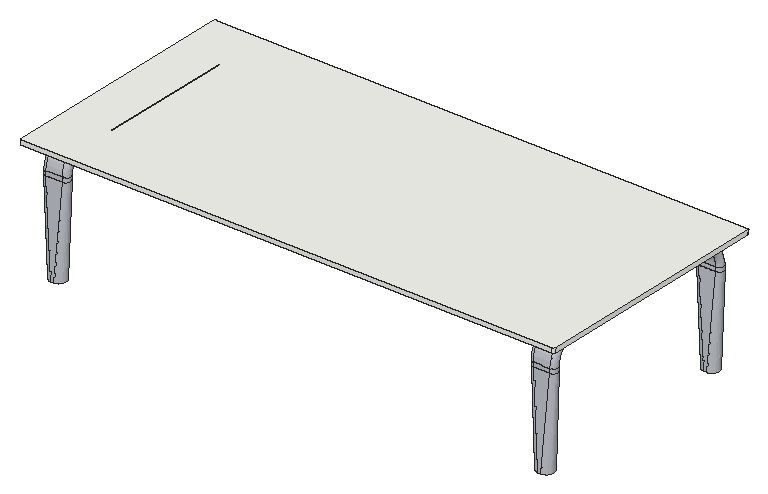
Revit family "FU_Modular_Sandler_Ambit 1077", category Furniture, Revit 2020
Family settings
  OmniClass Number = 23.40.20.00
  OmniClass Title = General Furniture and Specialties
  Work Plane-Based = No
  Always vertical = Yes
  Cut with Voids When Loaded = No
  Shared = No
  Room Calculation Point = No
Parameters (values of type "Ambit 1077")
  Width = 1290 mm
  URL = "https://www.sandlerseating.com/product/ambit-1077/"
  Top [instance] = HPL - Solid - White
  Model = "Ambit 1077"
  Manufacturer = "Sandler"
  Height = 300 mm
  Frame [instance] = Metal - Paint -AL VR - White Aluminium
  Description = "Table for modular seating system. Upholstered top with feet in cast aluminium."
  Depth = 590 mm
  Default Elevation = 0 mm
Reference planes
  plane 1 "Center (Front/Back)": y = 0
  plane 2: z = 0
  plane 3 "Center (Left/Right)": x = 0
  plane 4 "Right": x = -645
  plane 5 "Left": x = 645
  plane 6 "Back": y = 295
  plane 7 "Front": y = -295
  plane 8 "Height": z = 300
  plane 9 "Table base": z = 290
  plane 10 "FL C TOP": y = -250
  plane 11 "Right Legs FRONT": x = -588
  plane 12 "Left Legs FRONT": x = 588
  plane 13 "BL C TOP": y = 249.983
Forms (mm)
  Sweep 1, solid, material "Metal - Paint -AL VR - White Aluminium" <- "Frame"
    path origin (588, 0, 0) x (0, 0, -1) y (0, -1, 0)
      loop
        line (-220.099, 250.117) -> (-230.099, 250.117)
        arc (-230.099, 250.117) -> (-265.454, 235.472) -> (-280.099, 200.117) r 50
        line (-280.099, 200.117) -> (-280.099, -200.1)
        arc (-280.099, -200.1) -> (-265.454, -235.456) -> (-230.099, -250.1) r 50
        line (-230.099, -250.1) -> (-220.099, -250.1)
    profile "Pro_Ambit_FF : Pro_Ambit_FF" origin (588, -250.117, 225.099) x (0, 1, 0) y (-1, 0, 0)
      loop
        arc (-10, -20.066) -> (0, -30.066) -> (10, -20.066) r 10
        line (10, -20.066) -> (10, 20.066)
        arc (10, 20.066) -> (0, 30.066) -> (-10, 20.066) r 10
        line (-10, 20.066) -> (-10, -20.066)
  SweptBlend 2, solid, material "Metal - Paint -AL VR - White Aluminium" <- "Frame"
    path origin (588, 0, 0) x (0, 0, -1) y (0, -1, 0)
      loop
        line (0, 250) -> (-220.099, 250)
    profile "Pro_Ambit_FFoot : Pro_Ambit_FFoot" origin (588, -250, 0) x (0, 1, 0) y (-1, 0, 0)
      loop
        arc (17.452, 3.305) -> (0, 20.142) -> (-17.452, 3.305) r 17.463
        line (-17.452, 3.305) -> (-17.452, -3.305)
        arc (-17.452, -3.305) -> (0, -20.142) -> (17.452, -3.305) r 17.463
        line (17.452, -3.305) -> (17.452, 3.305)
    end profile "Pro_Ambit_FF : Pro_Ambit_FF" origin (588, -250, 220.099) x (0, 1, 0) y (-1, 0, 0)
      loop
        arc (-10, -20.066) -> (0, -30.066) -> (10, -20.066) r 10
        line (10, -20.066) -> (10, 20.066)
        arc (10, 20.066) -> (0, 30.066) -> (-10, 20.066) r 10
        line (-10, 20.066) -> (-10, -20.066)
  SweptBlend 3, solid, material "Metal - Paint -AL VR - White Aluminium" <- "Frame"
    path origin (588, 0, 0) x (0, 0, -1) y (0, 1, 0)
      loop
        line (0, 249.983) -> (-220.099, 249.983)
    profile "Pro_Ambit_FFoot : Pro_Ambit_FFoot" origin (588, 249.983, 0) x (0, 1, 0) y (-1, 0, 0)
      loop
        line (-17.452, 3.305) -> (-17.452, -3.305)
        arc (-17.452, -3.305) -> (0, -20.142) -> (17.452, -3.305) r 17.463
        line (17.452, -3.305) -> (17.452, 3.305)
        arc (17.452, 3.305) -> (0, 20.142) -> (-17.452, 3.305) r 17.463
    end profile "Pro_Ambit_FF : Pro_Ambit_FF" origin (588, 249.983, 220.099) x (0, 1, 0) y (-1, 0, 0)
      loop
        line (-10, 20.066) -> (-10, -20.066)
        arc (-10, -20.066) -> (0, -30.066) -> (10, -20.066) r 10
        line (10, -20.066) -> (10, 20.066)
        arc (10, 20.066) -> (0, 30.066) -> (-10, 20.066) r 10
  Sweep 4, solid, material "Metal - Paint -AL VR - White Aluminium" <- "Frame"
    path origin (-588, 0, 0) x (0, 0, -1) y (0, -1, 0)
      loop
        line (-220.099, 250.117) -> (-230.099, 250.117)
        arc (-230.099, 250.117) -> (-265.454, 235.472) -> (-280.099, 200.117) r 50
        line (-280.099, 200.117) -> (-280.099, -200.1)
        arc (-280.099, -200.1) -> (-265.454, -235.456) -> (-230.099, -250.1) r 50
        line (-230.099, -250.1) -> (-220.099, -250.1)
    profile "Pro_Ambit_FF : Pro_Ambit_FF" origin (-588, -250.117, 225.099) x (0, -1, 0) y (1, 0, 0)
      loop
        line (-10, 20.066) -> (-10, -20.066)
        arc (-10, -20.066) -> (0, -30.066) -> (10, -20.066) r 10
        line (10, -20.066) -> (10, 20.066)
        arc (10, 20.066) -> (0, 30.066) -> (-10, 20.066) r 10
  SweptBlend 5, solid, material "Metal - Paint -AL VR - White Aluminium" <- "Frame"
    path origin (-588, 0, 0) x (0, 0, -1) y (0, -1, 0)
      loop
        line (0, 250) -> (-220.099, 250)
    profile "Pro_Ambit_FFoot : Pro_Ambit_FFoot" origin (-588, -250, 0) x (0, -1, 0) y (1, 0, 0)
      loop
        line (-17.452, 3.305) -> (-17.452, -3.305)
        arc (-17.452, -3.305) -> (0, -20.142) -> (17.452, -3.305) r 17.463
        line (17.452, -3.305) -> (17.452, 3.305)
        arc (17.452, 3.305) -> (0, 20.142) -> (-17.452, 3.305) r 17.463
    end profile "Pro_Ambit_FF : Pro_Ambit_FF" origin (-588, -250, 220.099) x (0, -1, 0) y (1, 0, 0)
      loop
        line (-10, 20.066) -> (-10, -20.066)
        arc (-10, -20.066) -> (0, -30.066) -> (10, -20.066) r 10
        line (10, -20.066) -> (10, 20.066)
        arc (10, 20.066) -> (0, 30.066) -> (-10, 20.066) r 10
  SweptBlend 6, solid, material "Metal - Paint -AL VR - White Aluminium" <- "Frame"
    path origin (-588, 0, 0) x (0, 0, -1) y (0, -1, 0)
      loop
        line (0, -249.983) -> (-220.099, -249.983)
    profile "Pro_Ambit_FFoot : Pro_Ambit_FFoot" origin (-588, 249.983, 0) x (0, -1, 0) y (1, 0, 0)
      loop
        arc (17.452, 3.305) -> (0, 20.142) -> (-17.452, 3.305) r 17.463
        line (-17.452, 3.305) -> (-17.452, -3.305)
        arc (-17.452, -3.305) -> (0, -20.142) -> (17.452, -3.305) r 17.463
        line (17.452, -3.305) -> (17.452, 3.305)
    end profile "Pro_Ambit_FF : Pro_Ambit_FF" origin (-588, 249.983, 220.099) x (0, -1, 0) y (1, 0, 0)
      loop
        arc (-10, -20.066) -> (0, -30.066) -> (10, -20.066) r 10
        line (10, -20.066) -> (10, 20.066)
        arc (10, 20.066) -> (0, 30.066) -> (-10, 20.066) r 10
        line (-10, 20.066) -> (-10, -20.066)
  Extrusion 7, solid, material "HPL - Solid - White" <- "Top"
    sketch origin (0, 0, 290) x (-1, 0, 0) y (0, -1, 0)
      loop
        arc (640, -295) -> (643.536, -293.536) -> (645, -290) r 5
        line (645, -290) -> (645, 290)
        arc (645, 290) -> (643.536, 293.536) -> (640, 295) r 5
        line (640, 295) -> (-640, 295)
        arc (-640, 295) -> (-643.536, 293.536) -> (-645, 290) r 5
        line (-645, 290) -> (-645, -290)
        arc (-645, -290) -> (-643.536, -293.536) -> (-640, -295) r 5
        line (-640, -295) -> (640, -295)
    from 0 to 10
  Sweep 8, solid, material "Metal - Paint -AL VR - White Aluminium" <- "Frame"
    path origin (0, 0, 0) x (1, 0, 0) y (0, 0, 1)
      loop
        line (-588, 279.849) -> (588, 279.849)
    profile "Pro_Ambit_FF : Pro_Ambit_FF" origin (0, 0, 279.849) x (0, 0, 1) y (0, -1, 0)
      loop
        arc (-10, -20.066) -> (0, -30.066) -> (10, -20.066) r 10
        line (10, -20.066) -> (10, 20.066)
        arc (10, 20.066) -> (0, 30.066) -> (-10, 20.066) r 10
        line (-10, 20.066) -> (-10, -20.066)
Lines and regions (mm)
  reference lines
    curve 1: line (0, 0, 269.698) -> (0, 0, 290)
Dimensions and locks
  equal spacing: plane 4 "Right", plane 3 "Center (Left/Right)", plane 5 "Left"
  "Width": plane 4 "Right" to plane 5 "Left"
  equal spacing: plane 6 "Back", plane 1 "Center (Front/Back)", plane 7 "Front"
  "Depth": plane 6 "Back" to plane 7 "Front"
  "Height": plane 8 "Height" to level
  plane 9 "Table base" to level = 290 mm
  locked: plane 10 "FL C TOP" to plane 7 "Front" at 45
  locked: plane 4 "Right" to plane 11 "Right Legs FRONT" at 57
  locked: plane 12 "Left Legs FRONT" to plane 5 "Left" at 57
  locked: plane 6 "Back" to plane 13 "BL C TOP" at 45.017
  aligned and locked: level to plane 2
  aligned and locked: Extrusion 7 sketch curve to plane 6 "Back"
  aligned and locked: Extrusion 7 sketch curve to plane 4 "Right"
  aligned and locked: plane 7 "Front" to Extrusion 7 sketch curve
  aligned and locked: plane 5 "Left" to Extrusion 7 sketch curve
  aligned and locked: plane 8 "Height" to Extrusion 7
Automatic sketch dimensions
  Sweep 1 sketch curve to plane 9 "Table base" = 9.901 mm
  Sweep 1 sketch curve to plane 13 "BL C TOP" = 0.117 mm
  Sweep 1 sketch curve to plane 9 "Table base" = 59.901 mm  (x2)
  Sweep 1 sketch curve to plane 10 "FL C TOP" = 0.117 mm
  Sweep 1 sketch curve to Sweep 1 sketch curve = 10 mm  (x2)
  SweptBlend 2 sketch curve to plane 10 "FL C TOP" = 0 mm
  SweptBlend 2 sketch curve to level = 0 mm
  SweptBlend 2 sketch curve to plane 9 "Table base" = 69.901 mm
  SweptBlend 3 sketch curve to plane 13 "BL C TOP" = 0 mm
  SweptBlend 3 sketch curve to level = 0 mm
  plane 9 "Table base" to SweptBlend 3 sketch curve = 69.901 mm
  plane 9 "Table base" to Sweep 4 sketch curve = 9.901 mm
  plane 13 "BL C TOP" to Sweep 4 sketch curve = 0.117 mm
  plane 9 "Table base" to Sweep 4 sketch curve = 59.901 mm  (x2)
  plane 10 "FL C TOP" to Sweep 4 sketch curve = 0.117 mm
  Sweep 4 sketch curve to Sweep 4 sketch curve = 10 mm  (x2)
  SweptBlend 5 sketch curve to plane 10 "FL C TOP" = 0 mm
  SweptBlend 5 sketch curve to level = 0 mm
  plane 9 "Table base" to SweptBlend 5 sketch curve = 69.901 mm
  SweptBlend 6 sketch curve to plane 13 "BL C TOP" = 0 mm
  SweptBlend 6 sketch curve to level = 0 mm
  plane 9 "Table base" to SweptBlend 6 sketch curve = 69.901 mm
  Extrusion 7 sketch curve to plane 5 "Left" = 0 mm
  Extrusion 7 sketch curve to plane 6 "Back" = 0 mm
  Extrusion 7 sketch curve to Extrusion 7 sketch curve = 5 mm
  plane 5 "Left" to Extrusion 7 sketch curve = 5 mm
  Extrusion 7 sketch curve to plane 4 "Right" = 5 mm  (x2)
  curve 1 to plane 3 "Center (Left/Right)" = 0 mm
  curve 1 to plane 9 "Table base" = 0 mm
  curve 1 to curve 1 = 20.302 mm
  Sweep 8 sketch curve to plane 11 "Right Legs FRONT" = 0 mm
  plane 12 "Left Legs FRONT" to Sweep 8 sketch curve = 0 mm
  Sweep 8 sketch curve to plane 9 "Table base" = 10.151 mm
